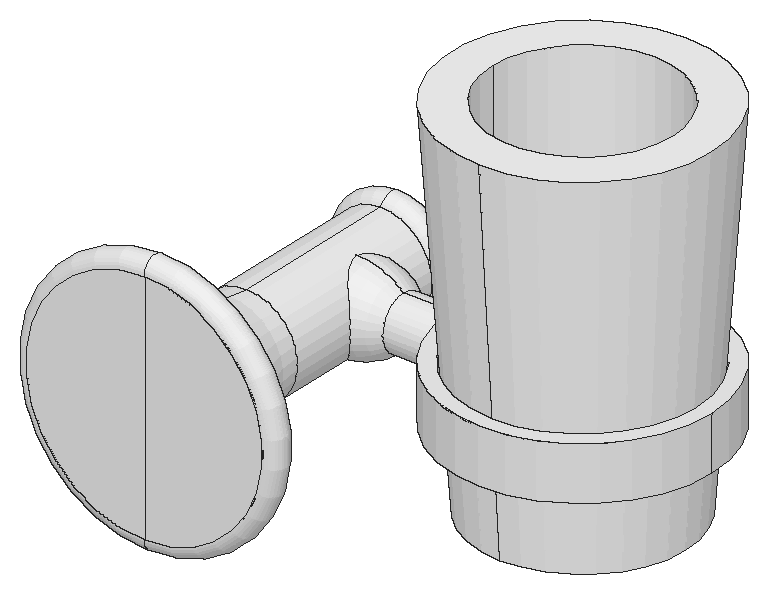
Revit family "546910001_Cepillera de Vaso Nilo", category Plumbing Fixtures, host Wall, Revit 2019
Family settings
  Host = Wall
  Round Connector Dimension = Use Diameter
  Part Type = Normal
  OmniClass Number = 23.19.25.13.21.17
  OmniClass Title = Fittings
  Always vertical = Yes
  Cut with Voids When Loaded = No
  Shared = No
  Room Calculation Point = No
Parameters (values of type "Nilo")
  URL = "https://www.grival.com/griferias-y-accesorios/accesorios-para-bano/kit-accesorios-para-bano/kit-accesorios-x6-nilo/"
  Resistencia a cargas o peso máximo = "9 kg. (19,8 lb.)."  # constant formula
  Peso Neto aprox = "471 gr. 1,038 lb."  # constant formula
  Peso Bruto aprox = "602 gr. 1,33 lb."  # constant formula
  Material = Corona_Cromado
  Manufacturer = "Corona"  # constant formula
  Longitud = 93.9 mm
  Garantía Acabados = "2 Años (Cromado)"  # constant formula
  Garantía = "5 Años (Grival)"  # constant formula
  Fecha de creación = "13/08/2020"  # constant formula
  Description = "• Los accesorios de baño Nilo, diseño robusto y funcional.\r\n• Acabado superior, mayor espesor en el cromado que lo hace más\r\nbrillante y resistente a la corrosión.\r\n• Fácil limpieza: Diseño que evita la acumulación de impurezas.\r\n• Resistencia a cargas o peso máximo de 9 kg. (19,8 lb.).\r\n• El toallero barra tiene una resistencia de 23 Kg. (50.7 lb)."  # constant formula
  Creado por = "IDD"  # constant formula
  Ancho = 131.9 mm
  Alto = 600 mm
  Acabado = Corona_Plastico_Blanco
Reference planes
  plane 1: y = 0
  plane 2 "Center (Left/Right)": x = 125
  plane 3 "Back": y = 75
  plane 4 "2": x = 59.05
  plane 5 "3": x = 190.95
  plane 6: z = 600
  plane 7: y = 168.9
  plane 8: z = 607
  plane 9: z = 593
Forms (mm)
  Extrusion 1, solid, material "Corona_Cromado" <- "Material", detail levels coarse
    sketch origin (0, 75, 0) x (1, 0, 0) y (0, 0, 1)
      loop
        line (226.806, 561.297) -> (226.806, 668.382) -> (59.05, 668.382) -> (59.05, 561.297) -> (226.806, 561.297)
    from -93.9 to 0
  Revolve 2, solid, material "Corona_Cromado" <- "Material", detail levels medium+fine
    sketch origin (125, 0, 0) x (0, 1, 0) y (0, 0, 1)
      loop
        line (75, 600) -> (168.9, 600)
        arc (168.9, 600) -> (168.234, 603.61) -> (166.056, 606.565) r 8.177
        line (166.056, 606.565) -> (159.525, 606.565) -> (159.525, 613.129)
        arc (159.525, 613.129) -> (156.104, 615.419) -> (152.683, 613.129) r 3.701
        line (152.683, 613.129) -> (108.705, 613.129)
        arc (108.705, 613.129) -> (92.944, 618.338) -> (82.211, 631) r 30.648
        arc (82.211, 631) -> (78.605, 634.605) -> (75, 631) r 3.605
        line (75, 631) -> (75, 600)
      axis (75, 600) -> (168.9, 600)
    angle from 0 to 360
  SweptBlend 3, solid, material "Corona_Plastico_Blanco" <- "Acabado", detail levels medium+fine
    path origin (0, 136.25, 0) x (1, 0, 0) y (0, 0, 1)
      loop
        line (190.95, 668.382) -> (190.95, 572.382)
    profile origin (190.95, 136.25, 668.382) x (0, -1, 0) y (1, 0, 0)
      loop
        circle (0, 0) r 34
    end profile origin (190.95, 136.25, 572.382) x (0, -1, 0) y (1, 0, 0)
      loop
        circle (0, 0) r 27
  Extrusion 4, solid, material "Corona_Cromado" <- "Material", detail levels medium+fine
    sketch origin (0, 0, 0) x (1, 0, 0) y (0, 1, 0)
      loop
        circle (190.95, 136.25) r 30
      loop
        circle (190.95, 136.25) r 34
    from 593 to 607
  Revolve 5, solid, material "Corona_Cromado" <- "Material", detail levels medium+fine
    sketch origin (0, 136.25, 0) x (1, 0, 0) y (0, 0, 1)
      loop
        line (159.201, 600) -> (159.201, 606.994) -> (144.015, 606.994)
        arc (144.015, 606.994) -> (138.199, 610.34) -> (131.568, 611.369) r 18.327
        arc (131.568, 611.369) -> (136.371, 606.563) -> (138.129, 600) r 13.129
        line (138.129, 600) -> (159.201, 600)
      axis (131.568, 600) -> (159.201, 600)
    angle from 0 to 360
  Extrusion 6, void
    sketch origin (0, 0, 0) x (1, 0, 0) y (0, 1, 0)
      loop
        circle (190.95, 136.25) r 23.621
    from 575.328 to 669.264
Cuts and joins
  Extrusion 6 cuts SweptBlend 3
Text (mm)
  text "Placement side" at (-1787.139, 592.35, 0), in view "Ref. Level"
  text "Placement side" at (0, 1827.695, 2917.686), in view "Left"
  text "Placement side" at (0, 562.268, 3853.606), in view "Right"
Dimensions and locks
  locked: plane 3 "Back" to host wall at 0
  equal spacing: plane 5 "3", plane 2 "Center (Left/Right)", plane 4 "2"
  "Ancho": plane 5 "3" to plane 4 "2"
  "Alto": level to plane 6
  "Longitud": plane 7 to plane 3 "Back"
  aligned and locked: plane 1 to host wall
  aligned and locked: Extrusion 1 to plane 7
  aligned and locked: Extrusion 1 to host wall
  aligned and locked: Extrusion 4 to plane 9
  aligned and locked: plane 8 to Extrusion 4
Automatic sketch dimensions
  Extrusion 1 sketch curve to plane 4 "2" = 0 mm
  plane 5 "3" to Extrusion 1 sketch curve = 35.856 mm
  Extrusion 1 sketch curve to plane 9 = 31.703 mm
  plane 8 to Extrusion 1 sketch curve = 61.382 mm
  Revolve 2 sketch curve to host wall = 0 mm  (x2)
  Revolve 2 sketch curve to plane 6 = 0 mm  (x2)
  Revolve 2 sketch curve to plane 7 = 0 mm
  host wall to Revolve 2 sketch curve = 3.605 mm
  plane 8 to Revolve 2 sketch curve = 6.129 mm
  Revolve 2 sketch curve to Revolve 2 sketch curve = 26.494 mm
  Revolve 2 sketch curve to Revolve 2 sketch curve = 1.377 mm
  plane 7 to Revolve 2 sketch curve = 16.217 mm
  Revolve 2 sketch curve to Revolve 2 sketch curve = 3.421 mm  (x2)
  plane 6 to Revolve 2 sketch curve = 0.36 mm
  Revolve 2 sketch curve to Revolve 2 sketch curve = 1.206 mm
  Revolve 2 sketch curve to plane 8 = 0.435 mm
  Revolve 2 sketch curve to Revolve 2 sketch curve = 1.411 mm
  plane 6 to Revolve 2 sketch curve = 31 mm
  host wall to Revolve 2 sketch curve = 2.642 mm
  SweptBlend 3 sketch curve to plane 5 "3" = 0 mm
  SweptBlend 3 sketch curve to plane 9 = 20.618 mm
  plane 8 to SweptBlend 3 sketch curve = 61.382 mm
  SweptBlend 3 sketch curve to profile plane = 0 mm  (x2)
  profile plane to SweptBlend 3 sketch curve = 0 mm  (x2)
  Extrusion 4 sketch curve to Extrusion 4 sketch curve = 0 mm  (x2)
  Extrusion 4 sketch curve to plane 5 "3" = 0 mm
  plane 7 to Extrusion 4 sketch curve = 32.65 mm
  Revolve 5 sketch curve to plane 2 "Center (Left/Right)" = 0 mm
  Revolve 5 sketch curve to plane 6 = 0 mm  (x2)
  plane 9 to Revolve 5 sketch curve = 0.049 mm
  plane 2 "Center (Left/Right)" to Revolve 5 sketch curve = 7.123 mm
  Revolve 5 sketch curve to Revolve 5 sketch curve = 6.007 mm
  Revolve 5 sketch curve to plane 8 = 0.006 mm
  Revolve 5 sketch curve to Revolve 5 sketch curve = 5.886 mm
  Revolve 5 sketch curve to Revolve 5 sketch curve = 15.186 mm
  Revolve 5 sketch curve to Revolve 5 sketch curve = 0 mm
  Revolve 5 sketch curve to Revolve 5 sketch curve = 1.35 mm
  Extrusion 6 sketch curve to plane 5 "3" = 0 mm
  plane 7 to Extrusion 6 sketch curve = 32.65 mm
  radius of SweptBlend 3 sketch curve = 34 mm
  radius of SweptBlend 3 sketch curve = 27 mm
  radius of Extrusion 4 sketch curve = 30 mm
  radius of Extrusion 4 sketch curve = 34 mm
  radius of Extrusion 6 sketch curve = 23.621 mm
Nested families
  nested 1: "front" at (125, 75, 600) x (1, 0, 0) z (0, -1, 0), type "front"
  nested 2: "right" at (125, 75, 600) x (0, 1, 0) z (1, 0, 0), type "right"
Definition of nested family "front"
  Parameters (values of type "front")
    Ancho = 131.9 mm
  Reference planes
    plane 1 "Center (Front/Back)": y = 0
    plane 2: z = 0
    plane 3 "Center (Left/Right)": x = 0
    plane 4 "Center (F/C": x = 65.95
    plane 5 "Center (F/D": x = -65.95
  Lines and regions (mm)
    detail lines, in view "Ref. Level"
      curve 1: arc (30.145, 7.23, 0) -> (-30.975, -1.254, 0) -> (30.631, -4.77, 0) r 31
      curve 2: circle (0, 0, 0) r 12.526 normal (0, 0, 1)
      curve 3: line (101.987, 7.23, 0) -> (25.788, 7.23, 0)
      curve 4: line (25.788, 7.23, 0) -> (25.788, 5.46, 0)
      curve 5: arc (25.788, 5.46, 0) -> (18.255, 7.123, 0) -> (12.306, 12.035, 0) r 16.466
      curve 6: line (12.306, 12.035, 0) -> (3.473, 12.035, 0)
      curve 7: line (101.987, 7.23, 0) -> (101.987, -4.77, 0)
      curve 8: line (101.987, -4.77, 0) -> (25.788, -4.77, 0)
      curve 9: line (25.788, -4.77, 0) -> (25.788, -3, 0)
      curve 10: arc (25.788, -3, 0) -> (18.255, -4.663, 0) -> (12.306, -9.575, 0) r 16.466
      curve 11: line (12.306, -9.575, 0) -> (8.077, -9.575, 0)
      curve 12: line (101.987, 69.264, 0) -> (98.736, 7.23, 0)
      curve 13: arc (97.136, -23.298, 0) -> (95.661, -27.581, 0) -> (92.141, -30.432, 0) r 8.217
      curve 14: line (92.141, -30.432, 0) -> (42.884, -30.432, 0)
      curve 15: line (33.038, 69.264, 0) -> (36.289, 7.23, 0)
      curve 16: arc (37.889, -23.298, 0) -> (39.364, -27.581, 0) -> (42.884, -30.432, 0) r 8.217
      curve 17: line (101.987, 69.264, 0) -> (33.038, 69.264, 0)
      curve 18: line (36.918, -4.77, 0) -> (37.889, -23.298, 0)
      curve 19: line (98.107, -4.77, 0) -> (97.136, -23.298, 0)
  Dimensions and locks
    equal spacing: plane 5 "Center (F/D", plane 3 "Center (Left/Right)", plane 4 "Center (F/C"
    "Ancho": plane 5 "Center (F/D" to plane 4 "Center (F/C"
  Automatic sketch dimensions
    curve 1 to curve 2 = 0 mm  (x2)
    plane 1 "Center (Front/Back)" to curve 2 = 0 mm
    curve 2 to plane 3 "Center (Left/Right)" = 0 mm
    plane 3 "Center (Left/Right)" to curve 11 = 12.306 mm
    plane 3 "Center (Left/Right)" to curve 6 = 12.306 mm
    curve 11 to curve 10 = 13.167 mm
    curve 5 to curve 5 = 13.167 mm
    curve 5 to curve 4 = 13.482 mm
    plane 1 "Center (Front/Back)" to curve 9 = 3 mm
    curve 9 to curve 5 = 0 mm
    curve 17 to plane 4 "Center (F/C" = 32.912 mm
    curve 10 to curve 18 = 12.416 mm
    curve 18 to curve 14 = 4.995 mm
    curve 18 to curve 16 = 8.205 mm
    plane 4 "Center (F/C" to curve 13 = 22.98 mm
    curve 13 to curve 14 = 3.211 mm
    curve 13 to curve 19 = 8.205 mm
    plane 1 "Center (Front/Back)" to curve 8 = 4.77 mm
    curve 19 to curve 8 = 4.851 mm
    plane 4 "Center (F/C" to curve 17 = 36.037 mm
    plane 1 "Center (Front/Back)" to curve 11 = 9.575 mm
    curve 16 to curve 18 = 18.098 mm
    curve 13 to curve 19 = 18.098 mm
    curve 19 to curve 13 = 0.43 mm
    curve 4 to plane 1 "Center (Front/Back)" = 5.46 mm
    curve 7 to plane 1 "Center (Front/Back)" = 7.23 mm
    curve 6 to plane 1 "Center (Front/Back)" = 12.035 mm
    curve 3 to curve 12 = 62.034 mm
    plane 3 "Center (Left/Right)" to curve 6 = 3.473 mm
    curve 3 to curve 1 = 4.357 mm
    curve 1 to curve 15 = 6.144 mm
    curve 1 to curve 18 = 6.287 mm
    curve 19 to curve 7 = 3.88 mm
    curve 12 to curve 3 = 3.251 mm
Definition of nested family "right"
  Parameters (values of type "right")
    Ancho = 93.9 mm
  Reference planes
    plane 1 "Center (Front/Back)": y = 0
    plane 2: z = 0
    plane 3 "Center (Left/Right)": x = 0
    plane 4 "Center (F/D": x = -93.9
  Lines and regions (mm)
    detail lines, in view "Ref. Level"
      curve 1: line (0, 0, 0) -> (0, 32.614, 0)
      curve 2: line (0, 0, 0) -> (0, -32.614, 0)
      curve 3: arc (0, 32.614, 0) -> (3.078, 35.692, 0) -> (6.157, 32.614, 0) r 3.078
      curve 4: arc (6.157, 32.614, 0) -> (16.829, 18.948, 0) -> (33.32, 13.594, 0) r 29.629
      curve 5: line (33.32, 13.594, 0) -> (77.31, 13.594, 0)
      curve 6: arc (77.31, 13.594, 0) -> (79.98, 16.264, 0) -> (82.65, 13.594, 0) r 2.67
      curve 7: line (82.65, 13.594, 0) -> (82.65, 0, 0)
      curve 8: line (7.485, 29.647, 0) -> (7.485, -29.647, 0)
      curve 9: line (5.253, 34.793, 0) -> (5.253, -34.793, 0)
      curve 10: arc (0, -32.614, 0) -> (3.078, -35.692, 0) -> (6.157, -32.614, 0) r 3.078
      curve 11: arc (6.157, -32.614, 0) -> (16.829, -18.948, 0) -> (33.32, -13.594, 0) r 29.629
      curve 12: line (33.32, -13.594, 0) -> (77.31, -13.594, 0)
      curve 13: arc (77.31, -13.594, 0) -> (79.98, -16.264, 0) -> (82.65, -13.594, 0) r 2.67
      curve 14: line (82.65, -13.594, 0) -> (82.65, 0, 0)
      curve 15: line (82.65, 5.674, 0) -> (91.195, 5.674, 0)
      curve 16: arc (91.195, 5.674, 0) -> (93.172, 3.135, 0) -> (93.9, 0, 0) r 7.479
      curve 17: line (82.65, -5.674, 0) -> (91.195, -5.674, 0)
      curve 18: arc (91.195, -5.674, 0) -> (93.172, -3.135, 0) -> (93.9, 0, 0) r 7.479
      curve 19: line (25.339, 67.066, 0) -> (93.9, 67.066, 0)
      curve 20: line (93.9, 67.066, 0) -> (89.607, 5.674, 0)
      curve 21: arc (87.503, -24.411, 0) -> (86.404, -28.008, 0) -> (83.838, -30.759, 0) r 8.361
      curve 22: line (83.838, -30.759, 0) -> (35.401, -30.759, 0)
      curve 23: line (25.339, 67.066, 0) -> (29.052, 13.976, 0)
      curve 24: arc (31.736, -24.411, 0) -> (32.836, -28.008, 0) -> (35.401, -30.759, 0) r 8.361
      curve 25: line (88.814, -5.674, 0) -> (87.503, -24.411, 0)
      curve 26: line (30.989, -13.725, 0) -> (31.736, -24.411, 0)
  Dimensions and locks
    "Ancho": plane 4 "Center (F/D" to plane 3 "Center (Left/Right)"
  Automatic sketch dimensions
    plane 1 "Center (Front/Back)" to curve 14 = 0 mm
    plane 1 "Center (Front/Back)" to curve 18 = 0 mm
    plane 1 "Center (Front/Back)" to curve 2 = 0 mm
    plane 3 "Center (Left/Right)" to curve 19 = 25.339 mm
    curve 10 to curve 26 = 25.579 mm
    curve 5 to plane 1 "Center (Front/Back)" = 13.594 mm
    curve 3 to curve 5 = 27.163 mm
    curve 24 to curve 12 = 1.584 mm
    curve 19 to curve 4 = 8.484 mm
    curve 24 to curve 11 = 2.087 mm
    curve 24 to curve 22 = 3.665 mm
    curve 24 to curve 24 = 4.675 mm
    curve 5 to curve 5 = 43.99 mm
    curve 12 to curve 5 = 0 mm
    curve 12 to curve 21 = 1.852 mm
    curve 12 to curve 13 = 2.67 mm
    curve 21 to curve 22 = 4.675 mm
    curve 18 to plane 1 "Center (Front/Back)" = 0.084 mm
    curve 7 to curve 18 = 3.771 mm
    curve 16 to curve 18 = 0 mm
    plane 1 "Center (Front/Back)" to curve 25 = 24.411 mm
    curve 21 to curve 25 = 3.665 mm
    curve 16 to curve 17 = 4.774 mm
    curve 18 to curve 15 = 4.774 mm
    curve 6 to curve 19 = 11.25 mm
    plane 1 "Center (Front/Back)" to curve 22 = 30.759 mm
    curve 11 to curve 24 = 12.459 mm
    curve 22 to curve 26 = 6.348 mm
    plane 1 "Center (Front/Back)" to curve 17 = 5.674 mm
    plane 1 "Center (Front/Back)" to curve 16 = 0.084 mm
    curve 4 to curve 19 = 23.847 mm
    curve 9 to curve 11 = 0.904 mm
    curve 4 to curve 8 = 1.328 mm
    curve 23 to plane 1 "Center (Front/Back)" = 13.976 mm
    plane 1 "Center (Front/Back)" to curve 26 = 13.725 mm
    curve 25 to curve 17 = 2.381 mm
    curve 20 to curve 15 = 1.588 mm
    curve 2 to plane 3 "Center (Left/Right)" = 0 mm
    plane 3 "Center (Left/Right)" to curve 3 = 3.078 mm
    curve 1 to plane 1 "Center (Front/Back)" = 32.614 mm
    curve 10 to curve 10 = 3.078 mm
    plane 1 "Center (Front/Back)" to curve 2 = 32.614 mm
